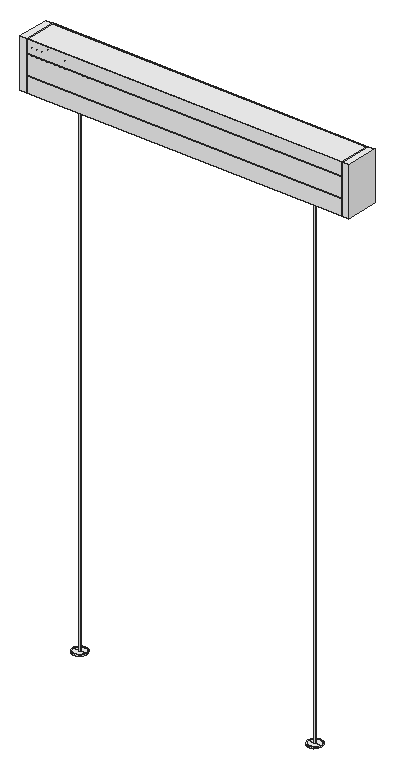
Revit family "2.3 inch  MAGIC WALL WASH LINEAR LIGHT", category Lighting Fixtures, host Face, Revit 2020 (continued)
Types (17): name | Wattage Comments | Wattage | Wall Mount | Suspenders Distance | Surface Mount | Recessed Mount | Photometric Web File | Pendent Mount | Order number | built-in parameter 1150142 | Model | built-in parameter 1150105 | Lumens | Light Source Height | Light Source Distance | built-in parameter 1150106 | Fixture Length
         \r\n 4.02     4.08     4.14     4.19     4.25     4.31     4.37     4.42     4.48     4.54     \r\n 4.59     4.65     4.70     4.76     4.81     4.86     4.91     4.96     5.01     5.06     \r\n 5.12     5.17     5.22     5.26     5.31     5.36     5.40     5.45     5.49     5.53     \r\n 5.58     5.62     5.67     5.71     5.74     5.78     5.81     5.84     5.87     5.90     \r\n 5.92     5.93     5.94     5.95     5.95     5.95     5.96     5.96     5.96     5.96     \r\n 5.96     5.96     5.96     5.96     5.96     5.96     5.96     5.96     5.95     5.95     \r\n 5.95     5.95     5.95     5.95     5.94     5.93     5.91     5.89     5.87     5.83     \r\n 5.80     5.78     5.76     5.72     5.69     5.65     5.62     5.59     5.57     5.53     \r\n 5.50     5.46     5.43     5.38     5.33     5.30     5.26     5.22     5.19     5.15     \r\n 5.11     5.07     5.04     5.00     4.96     4.92     4.88     4.84     4.80     4.75     \r\n 4.71     4.67     4.63     4.59     4.54     4.51     4.47     4.42     4.38     4.32     \r\n 4.26     \r\n1793.11  1778.52  1763.92  1748.14  1732.32  1716.69  1701.07  1685.15  1669.19  1653.17  \r\n 1637.13  1619.95  1602.57  1584.54  1566.37  1547.64  1528.76  1509.59  1490.33  1470.35  \r\n 1450.09  1430.45  1411.10  1390.87  1370.18  1349.52  1328.86  1308.44  1288.19  1268.30  \r\n 1248.70  1228.99  1209.20  1190.59  1173.20  1155.01  1135.91  1117.71  1100.69  1084.00  \r\n 1067.82  1051.84  1036.24  1020.96  1006.34  991.81   977.47   963.18   949.03   935.10   \r\n 922.00   909.02   896.51   884.05   871.88   859.73   847.75   835.83   824.73   813.61   \r\n 802.35   791.12   780.64   770.18   759.84   749.51   739.59   729.73   719.97   710.23   \r\n 700.64   691.11   681.76   672.48   663.33   654.23   645.05   635.83   627.08   618.63   \r\n 610.05   601.38   592.86   584.51   576.24   568.08   559.80   551.33   543.05   535.14   \r\n 527.25   519.44   511.64   503.88   496.14   488.50   480.87   473.38   465.90   458.50   \r\n 451.12   443.49   435.84   429.07   422.44   415.33   408.10   401.00   393.94   387.02   \r\n 380.19   373.36   366.53   359.74   353.00   345.94   339.05   332.13   325.09   318.08   \r\n 311.19   304.32   297.57   290.83   283.76   276.66   269.69   262.82   256.19   249.71   \r\n 243.31   236.99   230.68   224.38   218.12   212.02   205.94   199.89   193.88   187.96   \r\n 182.11   176.33   170.62   164.94   159.21   153.50   147.82   141.82   135.67   129.73   \r\n 123.86   118.22   112.63   107.11   101.67   96.34    91.20    86.13    81.16    76.26    \r\n 71.42    66.20    60.87    55.62    50.50    45.48    40.53    35.66    30.89    26.43    \r\n 22.38    18.47    14.71    11.06    7.52     5.13     4.99     4.88     4.79     4.71     \r\n 4.64     4.70     4.77     4.83     4.89     4.95     5.01     5.06     5.11     5.16     \r\n 5.20     5.24     5.24     5.22     5.20     5.18     5.16     5.14     5.12     5.10     \r\n 5.08     5.05     5.01     4.98     4.94     4.90     4.87     4.82     4.78     4.74     \r\n 4.69     4.65     4.61     4.57     4.49     4.38     4.27     4.17     4.07     3.97     \r\n 3.88     3.80     3.73     3.67     3.61     3.54     3.48     3.43     3.38     3.34     \r\n 3.31     3.28     3.26     3.26     3.27     3.29     3.33     3.37     3.39     3.41     \r\n 3.44     3.46     3.52     3.58     3.62     3.64     3.68     3.74     3.80     3.87     \r\n 3.93     3.99     4.05     4.11     4.16     4.22     4.28     4.34     4.40     4.46     \r\n 4.52     4.58     4.63     4.69     4.74     4.80     4.86     4.91     4.97     5.02     \r\n 5.08     5.13     5.19     5.24     5.30     5.35     5.40     5.45     5.50     5.55     \r\n 5.61     5.66     5.71     5.75     5.79     5.83     5.87     5.90     5.93     5.95     \r\n 5.98     5.99     6.00     6.01     6.01     6.02     6.02     6.03     6.03     6.03     \r\n 6.03     6.03     6.03     6.03     6.03     6.02     6.02     6.02     6.01     6.01     \r\n 6.01     6.00     6.00     6.00     5.99     5.97     5.95     5.93     5.90     5.86     \r\n 5.83     5.81     5.78     5.74     5.70     5.67     5.64     5.61     5.58     5.55     \r\n 5.51     5.48     5.44     5.40     5.36     5.32     5.28     5.24     5.21     5.17     \r\n 5.13     5.09     5.05     5.01     4.97     4.93     4.88     4.84     4.80     4.76     \r\n 4.71     4.67     4.63     4.59     4.55     4.51     4.47     4.42     4.38     4.32     \r\n 4.26     \r\n1793.11  1778.53  1763.96  1748.26  1732.49  1716.88  1701.31  1685.46  1669.54  1653.55  \r\n 1637.54  1620.68  1603.37  1585.64  1567.60  1549.21  1530.46  1511.56  1492.46  1473.00  \r\n 1452.91  1433.06  1413.81  1394.29  1373.84  1353.40  1332.98  1312.59  1292.62  1272.67  \r\n 1253.31  1233.98  1214.51  1195.05  1177.48  1160.27  1141.98  1123.40  1106.07  1089.32  \r\n 1073.07  1057.15  1041.59  1026.36  1011.51  997.14   982.85   968.71   954.66   940.82   \r\n 927.20   914.45   901.78   889.52   877.28   865.35   853.44   841.73   830.06   818.94   \r\n 807.92   797.06   786.29   775.83   765.54   755.32   745.18   735.28   725.68   716.08   \r\n 706.48   696.99   687.79   678.63   669.54   660.47   651.72   642.98   633.97   624.94   \r\n 616.52   608.25   599.89   591.52   583.28   575.13   567.08   559.15   551.13   542.94   \r\n 534.84   527.20   519.56   511.42   503.31   495.16   487.02   478.97   470.98   463.09   \r\n 455.27   447.53   439.88   432.19   424.33   416.55   409.57   402.59   395.21   387.80   \r\n 380.51   373.30   366.20   359.19   352.20   345.20   338.22   331.38   324.58   317.94   \r\n 311.36   304.77   298.19   291.64   285.11   278.60   272.28   266.02   259.67   253.29   \r\n 247.06   241.22   235.20   228.36   221.53   214.76   208.04   201.39   194.89   188.45   \r\n 182.08   175.80   169.60   163.47   157.40   151.42   145.59   139.82   134.14   128.53   \r\n 123.00   117.51   111.45   105.47   99.67    93.98    88.35    82.79    77.30    71.88    \r\n 66.55    61.33    56.20    51.15    46.59    42.07    37.62    33.23    28.91    24.65    \r\n 20.45    16.30    12.17    10.89    9.87     8.91     8.00     7.12     6.28     5.45     \r\n 4.64     4.68     4.72     4.76     4.80     4.84     4.88     4.92     4.95     4.99     \r\n 5.02     5.05     5.08     5.10     5.12     5.13     5.15     5.17     5.15     5.14     \r\n 5.13     5.12     5.10     5.09     5.08     5.06     5.05     5.04     5.02     5.01     \r\n 4.97     4.93     4.89     4.84     4.80     4.75     4.70     4.66     4.61     4.55     \r\n 4.48     4.41     4.32     4.23     4.15     4.05     3.96     3.85     3.75     3.72     \r\n 3.70     3.70     3.69     3.70     3.70     3.70     3.71     3.71     3.73     3.75     \r\n 3.77     3.78     3.80     3.81     3.83     3.86     3.90     3.93     3.96     4.00     \r\n 4.04     4.08     4.12     4.16     4.21     4.26     4.31     4.36     4.41     4.46     \r\n 4.52     4.57     4.62     4.68     4.74     4.80     4.86     4.92     4.99     5.05     \r\n 5.11     5.17     5.24     5.29     5.35     5.41     5.46     5.52     5.58     5.64     \r\n 5.70     5.75     5.80     5.84     5.89     5.93     5.96     5.99     6.01     6.04     \r\n 6.05     6.06     6.07     6.08     6.09     6.09     6.10     6.10     6.10     6.10     \r\n 6.10     6.10     6.09     6.09     6.09     6.08     6.08     6.07     6.07     6.07     \r\n 6.06     6.06     6.06     6.05     6.03     6.01     5.99     5.96     5.91     5.88     \r\n 5.85     5.82     5.78     5.75     5.71     5.68     5.65     5.63     5.59     5.56     \r\n 5.52     5.49     5.45     5.40     5.37     5.34     5.30     5.26     5.22     5.18     \r\n 5.14     5.09     5.05     5.01     4.97     4.93     4.89     4.84     4.80     4.76     \r\n 4.71     4.67     4.63     4.59     4.55     4.51     4.47     4.42     4.38     4.32     \r\n 4.26     \r\n1793.11  1778.66  1764.21  1748.74  1733.13  1717.67  1702.25  1686.63  1670.86  1655.04  \r\n 1639.18  1622.86  1605.76  1588.50  1570.73  1552.92  1534.44  1515.97  1497.18  1478.40  \r\n 1458.79  1439.03  1419.81  1400.81  1381.19  1361.14  1341.11  1321.08  1301.21  1281.70  \r\n 1262.30  1243.37  1224.46  1205.45  1186.49  1169.37  1152.49  1134.79  1116.87  1099.91  \r\n 1083.55  1067.58  1052.07  1036.80  1022.06  1007.46  993.45   979.46   965.64   951.84   \r\n 938.37   924.99   912.38   900.12   888.07   876.18   864.43   852.87   841.39   830.10   \r\n 818.87   808.05   797.23   786.93   776.74   766.68   756.65   746.72   736.88   727.25   \r\n 718.00   708.76   699.42   690.08   681.31   672.59   663.82   654.28   644.86   635.66   \r\n 626.35   616.80   607.39   598.59   589.82   581.02   572.24   563.59   555.01   546.55   \r\n 538.25   529.93   521.45   513.00   505.02   497.09   489.29   481.58   473.83   465.97   \r\n 458.17   450.61   443.09   435.67   428.28   420.95   413.67   406.41   399.23   392.10   \r\n 385.26   378.50   371.67   364.75   357.88   351.23   344.62   338.07   331.55   324.77   \r\n 317.26   309.80   302.49   295.26   288.08   281.00   273.97   267.01   260.11   253.28   \r\n 246.45   239.68   233.02   226.49   220.01   213.56   207.17   200.84   194.69   188.59   \r\n 182.54   176.51   170.53   164.09   157.64   151.25   144.93   138.62   132.39   126.24   \r\n 120.21   114.27   108.39   102.58   96.84    91.17    85.57    80.05    74.78    69.87    \r\n 65.01    60.21    55.45    50.76    46.13    41.55    37.02    32.54    28.11    23.72    \r\n 20.59    18.85    17.16    15.50    13.88    12.29    10.72    9.17     7.63     6.11     \r\n 4.59     4.62     4.65     4.68     4.71     4.74     4.76     4.79     4.82     4.85     \r\n 4.87     4.90     4.91     4.93     4.95     4.96     4.98     5.00     5.01     5.03     \r\n 5.04     5.05     5.07     5.07     5.06     5.05     5.04     5.03     5.02     5.02     \r\n 5.01     5.01     5.01     5.00     5.00     5.00     5.00     4.99     4.97     4.90     \r\n 4.82     4.75     4.68     4.62     4.56     4.50     4.44     4.39     4.34     4.30     \r\n 4.26     4.22     4.18     4.15     4.11     4.09     4.06     4.03     4.00     3.98     \r\n 3.96     3.94     3.95     3.96     3.98     4.00     4.03     4.05     4.07     4.10     \r\n 4.13     4.16     4.20     4.23     4.27     4.31     4.35     4.39     4.43     4.48     \r\n 4.53     4.57     4.62     4.67     4.73     4.78     4.84     4.90     4.96     5.03     \r\n 5.09     5.15     5.21     5.28     5.35     5.42     5.50     5.57     5.64     5.71     \r\n 5.78     5.84     5.90     5.96     6.01     6.04     6.07     6.09     6.11     6.12     \r\n 6.13     6.15     6.16     6.17     6.17     6.18     6.18     6.18     6.18     6.17     \r\n 6.17     6.16     6.16     6.15     6.15     6.14     6.13     6.13     6.13     6.12     \r\n 6.12     6.11     6.10     6.09     6.06     6.04     6.00     5.95     5.92     5.89     \r\n 5.85     5.82     5.78     5.75     5.72     5.69     5.66     5.63     5.59     5.56     \r\n 5.53     5.49     5.45     5.41     5.38     5.34     5.31     5.26     5.22     5.18     \r\n 5.14     5.09     5.05     5.01     4.97     4.92     4.88     4.84     4.80     4.75     \r\n 4.71     4.67     4.62     4.58     4.54     4.50     4.46     4.42     4.37     4.32     \r\n 4.26     \r\n1793.11  1778.90  1764.69  1749.58  1734.25  1719.04  1703.90  1688.64  1673.14  1657.62  \r\n 1642.03  1626.43  1609.70  1592.94  1575.72  1558.38  1540.65  1522.60  1504.46  1486.12  \r\n 1467.68  1448.39  1429.12  1410.46  1391.86  1372.62  1353.13  1333.66  1314.19  1294.87  \r\n 1275.96  1257.12  1238.75  1220.42  1202.06  1183.73  1166.53  1150.13  1133.44  1116.30  \r\n 1099.40  1083.57  1067.78  1052.70  1037.75  1023.33  1009.23  995.38   981.87   968.41   \r\n 955.04   941.69   928.80   915.99   903.92   892.26   880.71   869.30   857.95   846.88   \r\n 835.83   825.02   814.27   803.68   793.18   782.68   771.97   761.29   750.51   739.77   \r\n 729.22   718.78   708.61   698.77   688.96   679.11   669.31   659.95   650.71   641.44   \r\n 632.11   622.88   614.04   605.23   596.29   587.36   578.68   570.31   561.98   553.63   \r\n 545.31   537.10   528.95   520.90   513.08   505.31   497.40   489.49   481.78   474.34   \r\n 466.93   459.70   452.53   445.25   437.83   430.44   423.43   416.50   409.17   401.24   \r\n 393.34   385.47   377.66   369.93   362.33   354.76   347.22   339.71   332.22   324.86   \r\n 317.57   310.36   303.30   296.29   289.34   282.45   275.61   268.81   262.07   255.38   \r\n 248.80   242.29   235.83   229.44   223.11   216.21   209.26   202.42   195.62   188.89   \r\n 182.21   175.59   169.04   162.57   156.16   149.82   143.54   137.34   131.19   125.11   \r\n 119.11   113.20   107.35   101.73   96.40    91.10    85.86    80.68    75.56    70.49    \r\n 65.50    60.56    55.66    50.80    45.99    41.22    36.48    31.78    29.36    27.17    \r\n 25.01    22.88    20.77    18.69    16.63    14.59    12.56    10.55    8.54     6.54     \r\n 4.55     4.57     4.59     4.62     4.64     4.66     4.69     4.71     4.73     4.75     \r\n 4.78     4.80     4.82     4.84     4.85     4.87     4.88     4.89     4.90     4.91     \r\n 4.92     4.93     4.94     4.96     4.97     4.98     5.00     5.01     5.01     5.01     \r\n 5.00     4.99     4.97     4.96     4.94     4.93     4.92     4.91     4.90     4.89     \r\n 4.88     4.87     4.85     4.84     4.83     4.81     4.78     4.73     4.68     4.62     \r\n 4.57     4.52     4.48     4.43     4.39     4.36     4.33     4.31     4.29     4.27     \r\n 4.25     4.23     4.22     4.21     4.20     4.20     4.20     4.20     4.20     4.20     \r\n 4.20     4.21     4.22     4.25     4.28     4.32     4.35     4.39     4.43     4.47     \r\n 4.52     4.56     4.61     4.66     4.72     4.77     4.83     4.88     4.94     5.00     \r\n 5.06     5.13     5.20     5.26     5.33     5.39     5.46     5.52     5.59     5.65     \r\n 5.71     5.76     5.82     5.87     5.92     5.96     6.00     6.03     6.07     6.10     \r\n 6.14     6.17     6.19     6.22     6.24     6.26     6.26     6.25     6.24     6.24     \r\n 6.23     6.22     6.22     6.21     6.20     6.20     6.19     6.19     6.18     6.18     \r\n 6.16     6.15     6.13     6.10     6.06     6.02     5.98     5.94     5.91     5.87     \r\n 5.84     5.81     5.77     5.74     5.72     5.69     5.65     5.62     5.59     5.55     \r\n 5.52     5.48     5.45     5.42     5.38     5.34     5.30     5.26     5.22     5.17     \r\n 5.13     5.09     5.04     5.00     4.96     4.92     4.87     4.83     4.79     4.74     \r\n 4.70     4.66     4.62     4.58     4.54     4.50     4.46     4.42     4.37     4.32     \r\n 4.26     \r\n1793.11  1779.24  1765.38  1750.77  1735.84  1720.98  1706.24  1691.48  1676.39  1661.27  \r\n 1646.10  1630.89  1615.18  1598.88  1582.52  1565.70  1548.91  1531.54  1514.06  1496.45  \r\n 1478.71  1460.81  1442.16  1423.53  1405.40  1387.35  1368.88  1350.10  1331.35  1312.59  \r\n 1293.86  1275.63  1257.52  1239.68  1222.06  1204.47  1186.90  1169.39  1153.38  1137.59  \r\n 1121.56  1105.39  1089.48  1074.34  1059.23  1044.78  1030.50  1016.65  1003.29  990.03   \r\n 977.12   964.26   951.45   938.67   926.12   913.97   901.87   889.89   877.44   865.09   \r\n 852.83   840.69   828.82   817.01   805.47   794.06   782.79   771.75   760.79   750.45   \r\n 740.21   729.97   719.76   709.61   699.75   689.95   680.41   671.07   661.78   652.55   \r\n 643.39   634.46   625.72   617.02   608.16   599.33   590.76   582.42   574.12   565.83   \r\n 557.61   549.56   541.73   533.94   526.15   518.40   510.70   503.08   495.50   487.15   \r\n 478.72   470.33   461.89   453.49   445.19   437.09   429.01   421.04   413.26   405.53   \r\n 397.74   389.92   382.16   374.68   367.35   360.08   352.73   345.39   338.09   330.93   \r\n 323.85   316.84   309.75   302.65   295.58   288.54   281.52   274.43   266.83   259.53   \r\n 252.27   245.08   238.01   230.99   224.04   217.08   210.09   203.12   196.18   189.43   \r\n 182.77   176.17   169.63   163.17   156.77   150.43   144.15   137.92   131.81   126.05   \r\n 120.35   114.70   109.11   103.58   98.09    92.65    87.26    81.93    76.64    71.40    \r\n 66.20    61.04    55.92    50.83  
